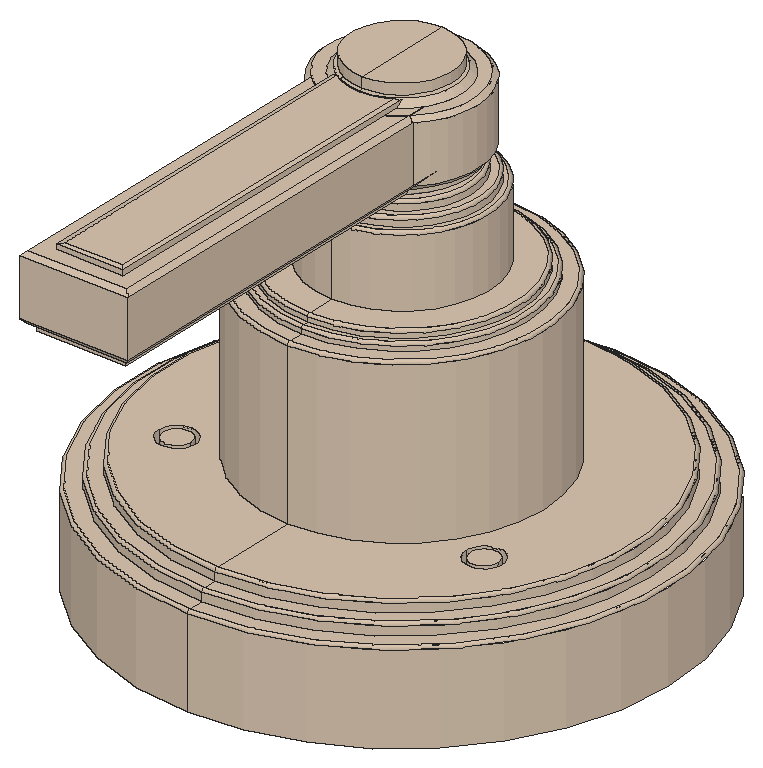
Revit family "Shower-Valve_Trim-KALLISTA-Vir_Stil-P80242", category Specialty Equipment, host Face, Revit 2021
Family settings
  Host = Face
  Round Connector Dimension = Use Diameter
  Part Type = Normal
  OmniClass Number = 23.31.17.00
  OmniClass Title = Showers
  Cut with Voids When Loaded = No
  Shared = No
  Room Calculation Point = No
Parameters (values of type "BAF-Brushed French Gold")
  Width = 3 193/256"  # constant formula
  WaterSense Certified = 1 = 0  # no
  Waste Water Outlet = "Waste Water Outlet"  # constant formula
  Waste Connection = 1 = 0  # no
  Vent Connection = 1 = 0  # no
  URL = "https://www.kallista.com/"
  Type = 1
  Tempered Water Inlet = "Tempered Water Inlet"  # constant formula
  Product Page URL = ""
  Product Name = "Vir Stil"  # constant formula
  Product Documentation Link = ""
  Model = if(Type = 1, "P80242-LV-BAF", if(Type = 2, "P80242-LV-BN", if(Type = 3, "P80242-LV-CP", if(Type = 4, "P80242-LV-SN", "NA"))))  # "P80242-LV-BAF"
  Material = "Premium Metal Construction"  # constant formula
  Master Format 2014 Name = "Residential Showers"  # constant formula
  Master Format 2014 = "22 42 23"  # constant formula
  Manufacturer Address = "444 Highland Dr, Kohler, WI 53044"  # constant formula
  Manufacturer = "Kallista Co."  # constant formula
  Length = 3.32677"  # constant formula
  Hot Water Inlet = "Hot Water Inlet"  # constant formula
  Height = 3 193/256"  # constant formula
  Handle Clearance = 2.87598"  # constant formula
  HW Connection = 1 = 0  # no
  Finish = Kallista-Metal-BAF-Brushed_French_Gold
  Environmental Product Declaration = ""
  Drain Included = 1 = 0  # no
  Description = "Transfer Trim, Lever Handle"  # constant formula
  Default Elevation = 42"
  Declare Label = ""
  Date Modified = "10/14/2023"  # constant formula
  Date Created = "10/14/2023"  # constant formula
  Copyright = "Copyright Kohler Co."  # constant formula
  Contact Us = "https://www.kallista.com/corporate/contact-us/"
  Cold Water Inlet = "Cold Water Inlet"  # constant formula
  CW Connection = 1 = 0  # no
  Assembly Code = "D2010700"
  ADA Compliant = 1 = 0  # no
Types (5): name | Type | Model | Finish
  (no name) | 1 | "P80242-LV-BAF" | Kallista-Metal-BAF-Brushed_French_Gold
  BAF-Brushed French Gold | 1 | "P80242-LV-BAF" | Kallista-Metal-BAF-Brushed_French_Gold
  BN-Brushed Nickel | 2 | "P80242-LV-BN" | Kallista-Metal-BN-Brushed_Nickel
  SN-Polished Nickel | 4 | "P80242-LV-SN" | Kallista-Metal-SN-Polished_Nickel
  CP-Chrome | 3 | "P80242-LV-CP" | Kallista-Metal-CP-Chrome
Reference planes (in)
  plane 1 "Center (Front/Back)": y = 0
  plane 2: z = 0
  plane 3 "Center (Left/Right)": x = 0
  plane 4: x = -1.87598
  plane 5: x = -1
  plane 6: x = 1
  plane 7: x = 0.39961
  plane 8: x = -0.39961
  plane 9: x = -0.375
  plane 10: x = -0.39961
  plane 11: x = 0.375
  plane 12: z = 0.79921
  plane 13: y = -1.87792
  plane 14: y = -2.87598
  plane 15: y = 1.87598
  plane 16: x = 1.87792
  plane 17: z = 3.32677
Dimensions and locks (in)
  plane 9 to plane 11 = 3/4"
  plane 5 to plane 6 = 2"
  level to plane 12 = 0.79921"
  "Handle Clearance": plane 1 "Center (Front/Back)" to plane 14
  "Height": plane 15 to plane 13
  "Width": plane 4 to plane 16
  plane 14 to plane 15 = 4.75197"
  "Length": plane 17 to level
  aligned and locked: plane 2 to host face
  aligned and locked: level to host face
  aligned and locked: plane 3 "Center (Left/Right)" to nested 1
  aligned and locked: plane 1 "Center (Front/Back)" to nested 1
Automatic sketch dimensions
  host sketch curve to host sketch curve = 96"  (x2)
Nested families (in)
  nested 1: "P80242" at (0, 0, 0), type "P80242"
Definition of nested family "P80242"
  Parameters (values of type "P80242")
    Material = none
    Default Elevation = 0"
  Reference planes (in)
    plane 1 "Center (Front/Back)": y = 0
    plane 2: z = 0
    plane 3 "Center (Left/Right)": x = 0
    plane 4: x = -1.87598
    plane 5: x = 1.87598
    plane 6: y = 1.87598
    plane 7: y = -1.87598
    plane 8: z = 3.32677
    plane 9: y = -2.87598
    plane 10: z = 0.79921
    plane 11: x = -1
    plane 12: x = 1
    plane 13: x = -0.39961
    plane 14: x = 0.39961
    plane 15: x = -0.375
    plane 16: x = 0.375
  Forms (in)
    Revolve 1, solid, material <- "Material", detail levels medium+fine
      sketch origin (0, 0, 0) x (0, 1, 0) y (0, 0, 1)
        loop
          line (-1.87598, 0) -> (0, 0) -> (0, 2.6642) -> (-0.465, 2.6642)
          arc (-0.465, 2.6642) -> (-0.47892, 2.65844) -> (-0.48468, 2.64452) r 0.01969
          line (-0.48468, 2.64452) -> (-0.48468, 2.60121) -> (-0.53728, 2.60121)
          arc (-0.53728, 2.60121) -> (-0.55112, 2.59548) -> (-0.55686, 2.58164) r 0.01958
          line (-0.55686, 2.58164) -> (-0.55686, 2.53818) -> (-0.59045, 2.53818)
          arc (-0.59045, 2.53818) -> (-0.60444, 2.53238) -> (-0.61024, 2.51839) r 0.01979
          line (-0.61024, 2.51839) -> (-0.61024, 2.04172) -> (-0.80534, 2.04172)
          arc (-0.80534, 2.04172) -> (-0.81926, 2.03595) -> (-0.82502, 2.02203) r 0.01969
          line (-0.82502, 2.02203) -> (-0.82502, 1.99075) -> (-0.86043, 1.99075)
          arc (-0.86043, 1.99075) -> (-0.87428, 1.98502) -> (-0.88001, 1.97117) r 0.01958
          line (-0.88001, 1.97117) -> (-0.88001, 1.94015) -> (-0.97747, 1.94015)
          arc (-0.97747, 1.94015) -> (-0.99139, 1.93439) -> (-0.99715, 1.92047) r 0.01969
          line (-0.99715, 1.92047) -> (-0.99715, 0.79921) -> (-1.61581, 0.79921)
          arc (-1.61581, 0.79921) -> (-1.62973, 0.79345) -> (-1.6355, 0.77953) r 0.01969
          line (-1.6355, 0.77953) -> (-1.6355, 0.72) -> (-1.73053, 0.72)
          arc (-1.73053, 0.72) -> (-1.74445, 0.71423) -> (-1.75022, 0.70031) r 0.01969
          line (-1.75022, 0.70031) -> (-1.75022, 0.63994) -> (-1.85619, 0.63994)
          arc (-1.85619, 0.63994) -> (-1.87019, 0.63414) -> (-1.87598, 0.62014) r 0.01979
          line (-1.87598, 0.62014) -> (-1.87598, 0)
        axis (0, 0) -> (0, 2.6642)
      angle from 0 to 360
    Sweep 2, solid, material <- "Material", detail levels medium+fine
      path origin (0, -0.00307, 0.23855) x (0, 1, 0) y (-1, 0, 0)
        loop
          line (0.07874, 0.37598) -> (-2.87402, 0.37598) -> (-2.87402, -0.37598) -> (0.07874, -0.37598)
      profile origin (-0.37598, -2.87708, 0.23855) x (1, 0, 0) y (0, 0, 1)
        loop
          line (0, 2.53912) -> (0.03235, 2.50677) -> (0.06329, 2.50677) -> (0.06329, 2.45959) -> (0.09079, 2.44434) -> (0.2063, 2.44434) -> (0.2063, 3.00719) -> (0.17232, 3.00719) -> (0.14096, 2.99995) -> (0.14096, 2.96683) -> (0.03152, 2.96683) -> (0, 2.9353) -> (0, 2.53912)
    Revolve 3, solid, material <- "Material", detail levels medium+fine
      sketch origin (0, 0, 0) x (0, 1, 0) y (0, 0, 1)
        loop
          line (0, 2.684) -> (0.43906, 2.684) -> (0.4685, 2.699) -> (0.4685, 2.747) -> (0.501, 2.747) -> (0.531, 2.777) -> (0.531, 3.177) -> (0.501, 3.207) -> (0.415, 3.207) -> (0.375, 3.247) -> (0.28768, 3.247) -> (0.31703, 3.2571) -> (0.35265, 3.2571) -> (0.35265, 3.32792) -> (0, 3.32792) -> (0, 2.684)
        axis (0, 2.684) -> (0, 3.32792)
      angle from 0 to 360
    Extrusion 4, solid, material <- "Material", detail levels medium+fine
      sketch origin (0, 0, 0) x (1, 0, 0) y (0, 1, 0)
        loop
          arc (0.16969, -0.33441) -> (0.08724, -0.36471) -> (0, -0.375) r 0.375
          arc (0, -0.375) -> (-0.08724, -0.36471) -> (-0.16969, -0.33441) r 0.375
          line (-0.16969, -0.33441) -> (-0.16969, -2.67079) -> (0.16969, -2.67079) -> (0.16969, -0.33441)
      from 2.684 to 3.24574
    Extrusion 5, void
      sketch origin (0, 0, 0) x (1, 0, 0) y (0, 1, 0)
        loop
          circle (1.0782, -0.6225) r 0.13
        loop
          circle (-1.0782, -0.6225) r 0.13
        loop
          circle (0, 1.245) r 0.13
        loop
          circle (0, 1.245) r 0.095
        loop
          circle (-1.0782, -0.6225) r 0.095
        loop
          circle (1.0782, -0.6225) r 0.095
      from 0.72 to 1.11312
    Revolve 6, solid
      sketch origin (0, 0, 0) x (0, 1, 0) y (0, 0, 1)
        loop
          line (-0.38425, 2.6963) -> (-0.42534, 2.6642) -> (0, 2.6642) -> (0, 2.6963) -> (-0.38425, 2.6963)
        axis (0, 2.6642) -> (0, 2.70357)
      angle from 0 to 360
    Revolve 7, solid, material <- "Material", detail levels coarse
      sketch origin (0, 0, 0) x (0, 1, 0) y (0, 0, 1)
        loop
          line (-1.87598, 0) -> (0, 0) -> (0, 2.6642) -> (-0.48468, 2.6642) -> (-0.48468, 2.60121) -> (-0.55686, 2.60121) -> (-0.55686, 2.53818) -> (-0.61024, 2.53818) -> (-0.61024, 2.04172) -> (-0.82502, 2.04172) -> (-0.82502, 1.99075) -> (-0.88001, 1.99075) -> (-0.88001, 1.94015) -> (-0.99715, 1.94015) -> (-0.99715, 0.79921) -> (-1.6355, 0.79921) -> (-1.6355, 0.72) -> (-1.75022, 0.72) -> (-1.75022, 0.63994) -> (-1.87598, 0.63994) -> (-1.87598, 0)
        loop
          line (0, 2.684) -> (0, 3.32792) -> (-0.35265, 3.32792) -> (-0.35265, 3.2571) -> (-0.31703, 3.2571) -> (-0.28768, 3.247) -> (-0.375, 3.247) -> (-0.415, 3.207) -> (-0.501, 3.207) -> (-0.531, 3.177) -> (-0.531, 2.777) -> (-0.501, 2.747) -> (-0.4685, 2.747) -> (-0.4685, 2.699) -> (-0.43906, 2.684) -> (0, 2.684)
        axis (0, 0) -> (0, 3.32792)
      angle from 0 to 360
    Extrusion 8, solid, material <- "Material", detail levels coarse
      sketch origin (0, 0, 0) x (1, 0, 0) y (0, 1, 0)
        loop
          line (0.37598, -2.87708) -> (0.37598, 0)
          arc (0.37598, 0) -> (0.26517, -0.26517) -> (0, -0.375) r 0.375
          arc (0, -0.375) -> (-0.26517, -0.26517) -> (-0.375, 0) r 0.375
          line (-0.375, 0) -> (-0.37598, -2.87708) -> (0.37598, -2.87708)
      from 2.68289 to 3.24574
  Cuts and joins
    joined: Sweep 2, Extrusion 4
    Extrusion 5 cuts Revolve 1
    joined: Revolve 1, Revolve 3
  Lines and regions (in)
    Masking region 1
      outline origin (0, 0, 0) x (1, 0, 0) y (0, 1, 0)
        loop
          line (-0.375, -1.83812) -> (-0.375, -2.87598) -> (0.375, -2.87598) -> (0.375, -1.83812)
          arc (0.375, -1.83812) -> (1.45243, -1.19621) -> (1.87598, -0.01575) r 1.85678
          line (1.87598, -0.01575) -> (1.87598, 0.01575)
          arc (1.87598, 0.01575) -> (1.33113, 1.33113) -> (0.01575, 1.87598) r 1.86024
          line (0.01575, 1.87598) -> (-0.01575, 1.87598)
          arc (-0.01575, 1.87598) -> (-1.33113, 1.33113) -> (-1.87598, 0.01575) r 1.86024
          line (-1.87598, 0.01575) -> (-1.87598, -0.01575)
          arc (-1.87598, -0.01575) -> (-1.45243, -1.19621) -> (-0.375, -1.83812) r 1.85678
    Masking region 2
      outline origin (0, 0, 0) x (1, 0, 0) y (0, 0, 1)
        loop
          line (1.87598, 0) -> (1.87598, 0.62031)
          arc (1.87598, 0.62031) -> (1.87022, 0.63423) -> (1.8563, 0.64) r 0.01969
          line (1.8563, 0.64) -> (1.75, 0.64) -> (1.75, 0.70007)
          arc (1.75, 0.70007) -> (1.74416, 0.71416) -> (1.73007, 0.72) r 0.01993
          line (1.73007, 0.72) -> (1.6355, 0.72) -> (1.6355, 0.77953)
          arc (1.6355, 0.77953) -> (1.62973, 0.79345) -> (1.61581, 0.79921) r 0.01969
          line (1.61581, 0.79921) -> (1, 0.79921) -> (1, 1.91758)
          arc (1, 1.91758) -> (0.9939, 1.93232) -> (0.97916, 1.93842) r 0.02084
          line (0.97916, 1.93842) -> (0.88054, 1.93842) -> (0.88054, 1.97032)
          arc (0.88054, 1.97032) -> (0.87477, 1.98423) -> (0.86086, 1.98999) r 0.01967
          line (0.86086, 1.98999) -> (0.82478, 1.98999) -> (0.82478, 2.02098)
          arc (0.82478, 2.02098) -> (0.81866, 2.03575) -> (0.80389, 2.04187) r 0.02089
          line (0.80389, 2.04187) -> (0.6103, 2.04187) -> (0.6103, 2.51911)
          arc (0.6103, 2.51911) -> (0.60457, 2.53294) -> (0.59073, 2.53868) r 0.01957
          line (0.59073, 2.53868) -> (0.55578, 2.53868) -> (0.55578, 2.58135)
          arc (0.55578, 2.58135) -> (0.54998, 2.59537) -> (0.53595, 2.60118) r 0.01983
          line (0.53595, 2.60118) -> (0.48496, 2.60118) -> (0.48496, 2.64431)
          arc (0.48496, 2.64431) -> (0.4792, 2.65823) -> (0.46528, 2.664) r 0.01969
          line (0.46528, 2.664) -> (0.4, 2.664) -> (0.4685, 2.68961) -> (0.4685, 2.747) -> (0.501, 2.747) -> (0.531, 2.777) -> (0.531, 3.177) -> (0.501, 3.207) -> (0.39, 3.207) -> (0.39, 3.23848) -> (0.36027, 3.247) -> (0.27671, 3.247) -> (0.30764, 3.25705) -> (0.34248, 3.25705) -> (0.34248, 3.32677) -> (0, 3.32677) -> (-0.34248, 3.32677) -> (-0.34248, 3.25705) -> (-0.30764, 3.25705) -> (-0.27671, 3.247) -> (-0.36027, 3.247) -> (-0.39, 3.23848) -> (-0.39, 3.207) -> (-0.501, 3.207) -> (-0.531, 3.177) -> (-0.531, 2.777) -> (-0.501, 2.747) -> (-0.4685, 2.747) -> (-0.4685, 2.68961) -> (-0.4, 2.664) -> (-0.46528, 2.664)
          arc (-0.46528, 2.664) -> (-0.4792, 2.65823) -> (-0.48496, 2.64431) r 0.01969
          line (-0.48496, 2.64431) -> (-0.48496, 2.60118) -> (-0.53595, 2.60118)
          arc (-0.53595, 2.60118) -> (-0.54998, 2.59537) -> (-0.55578, 2.58135) r 0.01983
          line (-0.55578, 2.58135) -> (-0.55578, 2.53868) -> (-0.59073, 2.53868)
          arc (-0.59073, 2.53868) -> (-0.60457, 2.53294) -> (-0.6103, 2.51911) r 0.01957
          line (-0.6103, 2.51911) -> (-0.6103, 2.04187) -> (-0.80389, 2.04187)
          arc (-0.80389, 2.04187) -> (-0.81866, 2.03575) -> (-0.82478, 2.02098) r 0.02089
          line (-0.82478, 2.02098) -> (-0.82478, 1.98999) -> (-0.86086, 1.98999)
          arc (-0.86086, 1.98999) -> (-0.87477, 1.98423) -> (-0.88054, 1.97032) r 0.01967
          line (-0.88054, 1.97032) -> (-0.88054, 1.93842) -> (-0.97916, 1.93842)
          arc (-0.97916, 1.93842) -> (-0.9939, 1.93232) -> (-1, 1.91758) r 0.02084
          line (-1, 1.91758) -> (-1, 0.79921) -> (-1.61581, 0.79921)
          arc (-1.61581, 0.79921) -> (-1.62973, 0.79345) -> (-1.6355, 0.77953) r 0.01969
          line (-1.6355, 0.77953) -> (-1.6355, 0.72) -> (-1.73007, 0.72)
          arc (-1.73007, 0.72) -> (-1.74416, 0.71416) -> (-1.75, 0.70007) r 0.01993
          line (-1.75, 0.70007) -> (-1.75, 0.64) -> (-1.8563, 0.64)
          arc (-1.8563, 0.64) -> (-1.87022, 0.63423) -> (-1.87598, 0.62031) r 0.01969
          line (-1.87598, 0.62031) -> (-1.87598, 0) -> (0, 0) -> (1.87598, 0)
    Masking region 3
      outline origin (0, 0, 0) x (0, 1, 0) y (0, 0, 1)
        loop
          line (-1.87598, 0) -> (0, 0) -> (1.87598, 0) -> (1.87598, 0.62014)
          arc (1.87598, 0.62014) -> (1.87019, 0.63414) -> (1.85619, 0.63994) r 0.01979
          line (1.85619, 0.63994) -> (1.75022, 0.63994) -> (1.75022, 0.70031)
          arc (1.75022, 0.70031) -> (1.74445, 0.71423) -> (1.73053, 0.72) r 0.01969
          line (1.73053, 0.72) -> (1.6355, 0.72) -> (1.6355, 0.77953)
          arc (1.6355, 0.77953) -> (1.62973, 0.79345) -> (1.61581, 0.79921) r 0.01969
          line (1.61581, 0.79921) -> (0.99715, 0.79921) -> (0.99715, 1.92047)
          arc (0.99715, 1.92047) -> (0.99139, 1.93439) -> (0.97747, 1.94015) r 0.01969
          line (0.97747, 1.94015) -> (0.88001, 1.94015) -> (0.88001, 1.97117)
          arc (0.88001, 1.97117) -> (0.87428, 1.98502) -> (0.86043, 1.99075) r 0.01958
          line (0.86043, 1.99075) -> (0.82502, 1.99075) -> (0.82502, 2.02203)
          arc (0.82502, 2.02203) -> (0.81926, 2.03595) -> (0.80534, 2.04172) r 0.01969
          line (0.80534, 2.04172) -> (0.61024, 2.04172) -> (0.61024, 2.51839)
          arc (0.61024, 2.51839) -> (0.60444, 2.53238) -> (0.59045, 2.53818) r 0.01979
          line (0.59045, 2.53818) -> (0.55686, 2.53818) -> (0.55686, 2.58164)
          arc (0.55686, 2.58164) -> (0.55112, 2.59548) -> (0.53728, 2.60121) r 0.01958
          line (0.53728, 2.60121) -> (0.48468, 2.60121) -> (0.48468, 2.64452)
          arc (0.48468, 2.64452) -> (0.47892, 2.65844) -> (0.465, 2.6642) r 0.01969
          line (0.465, 2.6642) -> (0.42534, 2.6642) -> (0.4, 2.684) -> (0.43906, 2.684) -> (0.4685, 2.699) -> (0.4685, 2.747) -> (0.501, 2.747) -> (0.531, 2.777) -> (0.531, 3.177) -> (0.501, 3.207) -> (0.415, 3.207) -> (0.375, 3.247) -> (0.28768, 3.247) -> (0.31703, 3.2571) -> (0.35265, 3.2571) -> (0.35265, 3.32677) -> (-0.35265, 3.32677) -> (-0.35265, 3.2571) -> (-0.31703, 3.2571) -> (-0.28768, 3.247) -> (-2.72, 3.247) -> (-2.76, 3.207) -> (-2.845, 3.207) -> (-2.87598, 3.17602) -> (-2.87598, 2.777) -> (-2.87598, 2.69946) -> (-2.84283, 2.684) -> (-0.4, 2.684) -> (-0.42534, 2.6642) -> (-0.465, 2.6642)
          arc (-0.465, 2.6642) -> (-0.47892, 2.65844) -> (-0.48468, 2.64452) r 0.01969
          line (-0.48468, 2.64452) -> (-0.48468, 2.60121) -> (-0.53728, 2.60121)
          arc (-0.53728, 2.60121) -> (-0.55112, 2.59548) -> (-0.55686, 2.58164) r 0.01958
          line (-0.55686, 2.58164) -> (-0.55686, 2.53818) -> (-0.59045, 2.53818)
          arc (-0.59045, 2.53818) -> (-0.60444, 2.53238) -> (-0.61024, 2.51839) r 0.01979
          line (-0.61024, 2.51839) -> (-0.61024, 2.04172) -> (-0.80534, 2.04172)
          arc (-0.80534, 2.04172) -> (-0.81926, 2.03595) -> (-0.82502, 2.02203) r 0.01969
          line (-0.82502, 2.02203) -> (-0.82502, 1.99075) -> (-0.86043, 1.99075)
          arc (-0.86043, 1.99075) -> (-0.87428, 1.98502) -> (-0.88001, 1.97117) r 0.01958
          line (-0.88001, 1.97117) -> (-0.88001, 1.94015) -> (-0.97747, 1.94015)
          arc (-0.97747, 1.94015) -> (-0.99139, 1.93439) -> (-0.99715, 1.92047) r 0.01969
          line (-0.99715, 1.92047) -> (-0.99715, 0.79921) -> (-1.61581, 0.79921)
          arc (-1.61581, 0.79921) -> (-1.62973, 0.79345) -> (-1.6355, 0.77953) r 0.01969
          line (-1.6355, 0.77953) -> (-1.6355, 0.72) -> (-1.73053, 0.72)
          arc (-1.73053, 0.72) -> (-1.74445, 0.71423) -> (-1.75022, 0.70031) r 0.01969
          line (-1.75022, 0.70031) -> (-1.75022, 0.63994) -> (-1.85619, 0.63994)
          arc (-1.85619, 0.63994) -> (-1.87019, 0.63414) -> (-1.87598, 0.62014) r 0.01979
          line (-1.87598, 0.62014) -> (-1.87598, 0)
    symbolic lines, detail levels medium+fine
      curve 1: arc (-0.375, -1.59193, 0) -> (-1.62457, 0.18876, 0) -> (0, 1.6355, 0) r 1.6355
      curve 2: arc (0, 1.6355, 0) -> (1.62627, 0.17348, 0) -> (0.345, -1.5987, 0) r 1.6355
      curve 3: arc (0, 1.75, 0) -> (1.74139, 0.17335, 0) -> (0.345, -1.71566, 0) r 1.75
      curve 4: arc (-0.375, -1.70935, 0) -> (-1.73981, 0.1886, 0) -> (0, 1.75, 0) r 1.75
      curve 5: arc (-0.375, -0.40085, 0) -> (-0.37922, -0.37836, 0) -> (-0.39131, -0.35894, 0) r 0.062
      curve 6: arc (-0.3692, -0.33866, 0) -> (-0.45862, 0.20166, 0) -> (0, 0.501, 0) r 0.501
      curve 7: arc (-0.2464, -0.28268, 0) -> (-0.35116, 0.13157, 0) -> (0, 0.375, 0) r 0.375
      curve 8: arc (0.25626, -0.29399, 0) -> (0, 0.39, 0) -> (-0.25626, -0.29399, 0) r 0.39
      curve 9: arc (-0.235, -0.34073, 0) -> (-0.24057, -0.31505, 0) -> (-0.25626, -0.29399, 0) r 0.062
      curve 10: line (-0.235, -0.34073, 0) -> (-0.235, -2.735, 0)
      curve 11: line (0.22, -2.72, 0) -> (0.22, -0.34073, 0)
      curve 12: arc (0.22, -0.34073, 0) -> (0.22691, -0.30884, 0) -> (0.2464, -0.28268, 0) r 0.077
      curve 13: arc (0, 0.375, 0) -> (0.35116, 0.13157, 0) -> (0.2464, -0.28268, 0) r 0.375
      curve 14: arc (0.25626, -0.29399, 0) -> (0, 0.39, 0) -> (-0.25626, -0.29399, 0) r 0.39
      curve 15: arc (0.25626, -0.29399, 0) -> (0.24057, -0.31505, 0) -> (0.235, -0.34073, 0) r 0.062
      curve 16: line (0.235, -2.735, 0) -> (0.235, -0.34073, 0)
      curve 17: line (-0.375, -0.40085, 0) -> (-0.375, -2.875, 0)
      curve 18: line (-0.345, -0.40085, 0) -> (-0.345, -2.845, 0)
      curve 19: arc (-0.3692, -0.33866, 0) -> (-0.35126, -0.36748, 0) -> (-0.345, -0.40085, 0) r 0.092
      curve 20: arc (0.345, -0.40085, 0) -> (0.35126, -0.36748, 0) -> (0.3692, -0.33866, 0) r 0.092
      curve 21: line (0.345, -2.845, 0) -> (0.345, -0.40085, 0)
      curve 22: arc (0, 0.501, 0) -> (0.45862, 0.20166, 0) -> (0.3692, -0.33866, 0) r 0.501
      curve 23: arc (0, -0.17, 0) -> (-0.17, 0, 0) -> (0, 0.17, 0) r 0.17
      curve 24: arc (0, -0.15, 0) -> (0.15, 0, 0) -> (0, 0.15, 0) r 0.15
      curve 25: arc (0, 0.15, 0) -> (-0.15, 0, 0) -> (0, -0.15, 0) r 0.15
      curve 26: arc (0, 0.17, 0) -> (0.17, 0, 0) -> (0, -0.17, 0) r 0.17
      curve 27: arc (0.345, -0.40331, 0) -> (0.03206, 0.52977, 0) -> (-0.39112, -0.35876, 0) r 0.53074
      curve 28: arc (0.345, -0.42012, 0) -> (0.02036, 0.54324, 0) -> (-0.37549, -0.39311, 0) r 0.54362
      curve 29: arc (0.345, -0.44231, 0) -> (0.01957, 0.5606, 0) -> (-0.375, -0.41718, 0) r 0.56095
      curve 30: arc (-0.2464, -0.28268, 0) -> (-0.22691, -0.30884, 0) -> (-0.22, -0.34073, 0) r 0.077
      curve 31: line (-0.22, -0.34073, 0) -> (-0.22, -2.72, 0)
      curve 32: line (-0.235, -2.735, 0) -> (0.235, -2.735, 0)
      curve 33: line (-0.22, -2.72, 0) -> (0.22, -2.72, 0)
      curve 34: line (-0.345, -2.845, 0) -> (0.345, -2.845, 0)
      curve 35: arc (0.345, -0.72732, 0) -> (0.01677, 0.80483, 0) -> (-0.375, -0.71232, 0) r 0.805
      curve 36: arc (0.345, -0.75117, 0) -> (0.01666, 0.82644, 0) -> (-0.375, -0.73665, 0) r 0.82661
      curve 37: arc (0.345, -0.78843, 0) -> (0.01651, 0.86045, 0) -> (-0.375, -0.77461, 0) r 0.86061
      curve 38: arc (0.345, -0.81072, 0) -> (0.01644, 0.88092, 0) -> (-0.375, -0.79729, 0) r 0.88107
      curve 39: arc (0.345, -0.91635, 0) -> (0.01613, 0.97901, 0) -> (-0.375, -0.90449, 0) r 0.97915
      curve 40: arc (0.345, -0.94029, 0) -> (0.01607, 1.00146, 0) -> (-0.375, -0.92874, 0) r 1.00159
      curve 41: arc (0.13, 1.245, 0) -> (0, 1.375, 0) -> (-0.13, 1.245, 0) r 0.13
      curve 42: arc (-0.13, 1.245, 0) -> (0, 1.115, 0) -> (0.13, 1.245, 0) r 0.13
      curve 43: arc (-0.095, 1.245, 0) -> (0, 1.15, 0) -> (0.095, 1.245, 0) r 0.095
      curve 44: arc (0.095, 1.245, 0) -> (0, 1.34, 0) -> (-0.095, 1.245, 0) r 0.095
      curve 45: arc (1.2082, -0.6225, 0) -> (1.0782, -0.4925, 0) -> (0.9482, -0.6225, 0) r 0.13
      curve 46: arc (0.9482, -0.6225, 0) -> (1.0782, -0.7525, 0) -> (1.2082, -0.6225, 0) r 0.13
      curve 47: arc (0.9832, -0.6225, 0) -> (1.0782, -0.7175, 0) -> (1.1732, -0.6225, 0) r 0.095
      curve 48: arc (1.1732, -0.6225, 0) -> (1.0782, -0.5275, 0) -> (0.9832, -0.6225, 0) r 0.095
      curve 49: arc (-1.2082, -0.6225, 0) -> (-1.0782, -0.7525, 0) -> (-0.9482, -0.6225, 0) r 0.13
      curve 50: arc (-1.1732, -0.6225, 0) -> (-1.0782, -0.7175, 0) -> (-0.9832, -0.6225, 0) r 0.095
      curve 51: arc (-0.9832, -0.6225, 0) -> (-1.0782, -0.5275, 0) -> (-1.1732, -0.6225, 0) r 0.095
      curve 52: arc (-0.9482, -0.6225, 0) -> (-1.0782, -0.4925, 0) -> (-1.2082, -0.6225, 0) r 0.13
      curve 53: line (1.6355, 0, 0.72) -> (-1.6355, 0, 0.72)
      curve 54: line (-1.3937, 0, 0.64) -> (1.75, 0, 0.64)
      curve 55: line (-1.75, 0, 0.64) -> (-1.3937, 0, 0.64)
      curve 56: line (-1.87598, 0, 0.62031) -> (1.87598, 0, 0.62031)
      curve 57: line (1.75, 0, 0.70007) -> (-1.75, 0, 0.70007)
      curve 58: line (-1.6355, 0, 0.77953) -> (1.6355, 0, 0.77953)
      curve 59: line (1, 0, 0.79921) -> (-1, 0, 0.79921)
      curve 60: line (0.6103, 0, 2.04187) -> (-0.6103, 0, 2.04187)
      curve 61: line (-0.82478, 0, 2.02098) -> (0.82478, 0, 2.02098)
      curve 62: line (0.82478, 0, 1.98999) -> (-0.82478, 0, 1.98999)
      curve 63: line (-0.88054, 0, 1.97032) -> (0.88054, 0, 1.97032)
      curve 64: line (0.88054, 0, 1.93842) -> (-0.88054, 0, 1.93842)
      curve 65: line (0.55578, 0, 2.53868) -> (-0.55578, 0, 2.53868)
      curve 66: line (0.6103, 0, 2.51911) -> (-0.6103, 0, 2.51911)
      curve 67: line (0.48496, 0, 2.60118) -> (-0.48496, 0, 2.60118)
      curve 68: line (0.4, 0, 2.664) -> (-0.4, 0, 2.664)
      curve 69: line (0.48496, 0, 2.64431) -> (-0.48496, 0, 2.64431)
      curve 70: line (0.4685, 0, 2.68961) -> (-0.4685, 0, 2.68961)
      curve 71: line (-0.4685, 0, 2.747) -> (0.4685, 0, 2.747)
      curve 72: line (0.531, 0, 2.777) -> (-0.531, 0, 2.777)
      curve 73: line (0.39, 0, 3.207) -> (-0.39, 0, 3.207)
      curve 74: line (0.531, 0, 3.177) -> (-0.531, 0, 3.177)
      curve 75: line (0.27671, 0, 3.247) -> (-0.27671, 0, 3.247)
      curve 76: line (-0.30764, 0, 3.25705) -> (0.30764, 0, 3.25705)
      curve 77: line (0.39, 0, 3.23848) -> (-0.39, 0, 3.23848)
      curve 78: line (0, 1.6355, 0.77953) -> (0, -1.6355, 0.77953)
      curve 79: line (0, -1.75022, 0.70031) -> (0, 1.75022, 0.70031)
      curve 80: line (0, 1.6355, 0.72) -> (0, -1.6355, 0.72)
      curve 81: line (0, -1.75022, 0.63994) -> (0, 1.75022, 0.63994)
      curve 82: line (0, 1.87598, 0.62014) -> (0, -1.87598, 0.62014)
      curve 83: line (0, 0.99715, 0.79921) -> (0, -0.99715, 0.79921)
      curve 84: line (0, 0.99715, 1.92047) -> (0, -0.99715, 1.92047)
      curve 85: line (0, -0.88001, 1.94015) -> (0, 0.88001, 1.94015)
      curve 86: line (0, 0.82502, 1.99075) -> (0, -0.82502, 1.99075)
      curve 87: line (0, 0.61024, 2.04172) -> (0, -0.61024, 2.04172)
      curve 88: line (0, 0.55686, 2.53818) -> (0, -0.55686, 2.53818)
      curve 89: line (0, -0.48468, 2.60121) -> (0, 0.48468, 2.60121)
      curve 90: line (0, 0.42534, 2.6642) -> (0, -0.42534, 2.6642)
      curve 91: line (0, -0.4, 2.684) -> (0, 0.4, 2.684)
      curve 92: line (0, 0.48468, 2.64452) -> (0, -0.48468, 2.64452)
      curve 93: line (0, -0.61024, 2.51839) -> (0, 0.61024, 2.51839)
      curve 94: line (0, 0.55686, 2.58164) -> (0, -0.55686, 2.58164)
      curve 95: line (0, 0.4685, 2.699) -> (0, -2.875, 2.699)
      curve 96: line (0, -2.76, 3.207) -> (0, 0.415, 3.207)
      curve 97: line (0, 0.531, 3.177) -> (0, -2.875, 3.177)
      curve 98: line (0, 0.531, 2.777) -> (0, -2.87598, 2.777)
      curve 99: line (0, 0.4685, 2.747) -> (0, -2.87598, 2.747)
      curve 100: line (0, 0.28768, 3.247) -> (0, -0.28768, 3.247)
      curve 101: line (0, -0.31703, 3.2571) -> (0, 0.31703, 3.2571)
      curve 102: line (1, 0, 1.91758) -> (-1, 0, 1.91758)
      curve 103: line (0.55578, 0, 2.58135) -> (-0.55578, 0, 2.58135)
  Dimensions and locks (in)
    plane 4 to plane 5 = 3.75197"
    plane 7 to plane 6 = 3.75197"
    plane 8 to level = 3.32677"  (x2)
    plane 6 to plane 9 = 4.75197"
    plane 1 "Center (Front/Back)" to plane 9 = 2.87598"
    plane 10 to level = 0.79921"
    plane 11 to plane 12 = 2"
    plane 13 to plane 14 = 0.79921"
    aligned and locked: plane 2 to level
